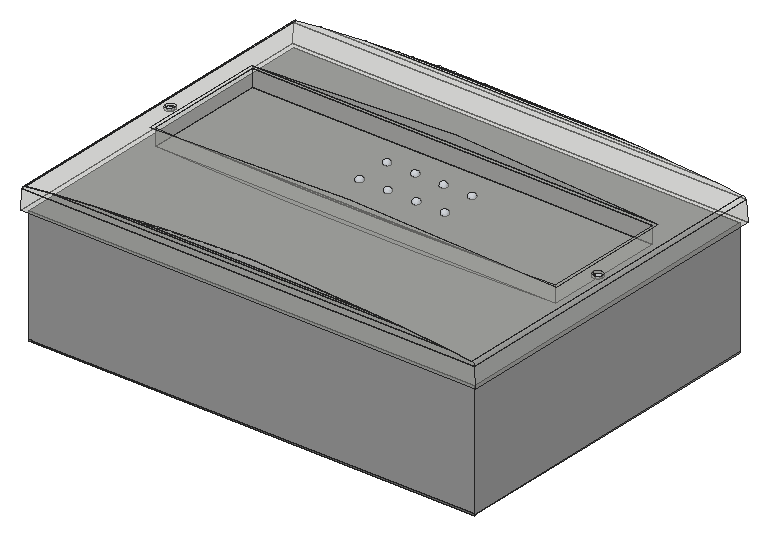
Revit family "Maxlogic  Conventionelle Panneau d'expansion de sirène", category Fire Alarm Devices, host Face, Revit 2021
Family settings
  Host = Face
  Maintain Annotation Orientation = Yes
  Round Connector Dimension = Use Diameter
  Part Type = Normal
  OmniClass Number = 23.85.30.21
  OmniClass Title = Environmental Detection/Registration
  Cut with Voids When Loaded = No
  Shared = No
  Room Calculation Point = No
Parameters (values of type "Maxlogic Panneau d'expansion de sirène,4 sorties")
  Poids = ""
  Boîtier de montage en surface étanche = ""
  Unité de durée de garantie = "Ans"
  Durée de la garantie réservé = "2"
  Durée de la garantie Travail = "2"
  Version = ""
  URL = "https://www.mavili.com.tr/"
  Socle montage de Surlévé = ""
  Numéro de pose des travaux publics = ""
  protection de Classe = ""
  Code de Produit = "ML-0314"
  Numèro de Téléphone = "(+)90 216 466 45 05"
  Voltage de fonctionnement (default) = ""
  voltage fonction d'opération = ""
  Tempèrature de Fonctionnement = "(-5°C) - (+50°C)"
  Largeur Nominale = "130 mm"
  Longeur Nominale = "400 mm"
  Hauteur Nominale = "300 mm"
  Surface de Montage = "Montage à Mur"
  Hauteur de Montage = ""
  Model = "Maxlogic"
  Manufacturer = "Mavili Elektronik Ticaret A.Ş."
  Manuel d'installation = "https://mavilielektronik.com/Revit/ML0314_kk.pdf"
  Sortie d'indicateur = ""
  Numèro de Fax = "(+)90 216 466 45 10"
  Alimentation d'externe = "220 V AC"
  E-Poste = "mavili@mavili.com.tr"
  Avertissement = ""
  Charger adresse d'appareil = ""
  Description = "Panneau d'expansion de sirène, 4 sorties"
  Default Elevation = 0 mm
  Current de Consommation = ""
  Coût Unité = ""
  Cost = 0
  Socles Compatible = ""
  Couleur = "Blanc"
  Code de  Performance = "EN 54-4 / EN 54-18"
  Matériel Principe = "Mètale Grise"
  Deuxime Matèriel = "Plastique Blanche ABS"
  Batterie = "2 X (12V DC 7 Ah )"
  Assembly Code = ""
  Adresse ligne 1 = "Şerifali Mahallesi Kutup Sokak No:27/1-2-4 Ümraniye TR-34775 İSTANBUL"
Reference planes
  plane 1 "Center (Front/Back)": y = 0
  plane 2: z = 0
  plane 3 "Center (Left/Right)": x = 0
Forms (mm)
  Extrusion 1, solid, material "mavili arka kasa"
    sketch origin (-210, -150, 148.173) x (1, 0, 0) y (0, 0, -1)
      loop
        line (42.905, 45.3) -> (434.905, 45.3) -> (434.905, 146.904)
        arc (434.905, 146.904) -> (434.545, 147.715) -> (433.785, 148.173) r 1.476
        line (433.785, 148.173) -> (44.505, 148.173)
        arc (44.505, 148.173) -> (43.374, 147.704) -> (42.905, 146.573) r 1.6
        line (42.905, 146.573) -> (42.905, 45.3)
    from 0 to 300
  Extrusion 2, solid, material "Mavili beyaz"
    sketch origin (-210, -150, 180.173) x (1, 0, 0) y (0, 0, -1)
      loop
        line (38.905, 77.3) -> (39.824, 59.769)
        arc (39.824, 59.769) -> (40.651, 57.854) -> (42.526, 56.941) r 3
        arc (42.526, 56.941) -> (238.905, 47.3) -> (435.284, 56.941) r 2005
        arc (435.284, 56.941) -> (437.16, 57.854) -> (437.987, 59.769) r 3
        line (437.987, 59.769) -> (438.905, 77.3) -> (38.905, 77.3)
    from 0 to 300
  Extrusion 3, void
    sketch origin (-167.095, -150, 70.872) x (0, 0, 1) y (0, -1, 0)
      loop
        arc (-69.27, -296) -> (-70.403, -295.532) -> (-70.872, -294.4) r 1.6
        line (-70.872, -294.4) -> (-70.872, -300) -> (32, -300) -> (32, -296) -> (-69.27, -296)
    from 0 to 392
  Extrusion 4, void
    sketch origin (-167.095, 150, 70.872) x (0, 0, 1) y (0, -1, 0)
      loop
        line (-69.27, 296) -> (32, 296) -> (32, 300) -> (-70.872, 300) -> (-70.872, 294.4)
        arc (-70.872, 294.4) -> (-70.403, 295.532) -> (-69.27, 296) r 1.6
    from 0 to 392
  Extrusion 5, void
    sketch origin (-210, -150, 180.173) x (0, 0, -1) y (0, 1, 0)
      loop
        line (55.289, 116.326) -> (55.289, 228.158) -> (47.3, 228.297) -> (47.3, 111.721) -> (55.289, 116.326)
    from 24.201 to 445
  Extrusion 6, void
    sketch origin (-210, -150, 180.173) x (0, 0, -1) y (0, 1, 0)
      loop
        arc (47.3, 295.581) -> (48.124, 297.646) -> (50.143, 298.577) r 3
        line (50.143, 298.577) -> (51.913, 298.669) -> (55.057, 298.834) -> (59.769, 299.081) -> (77.3, 300) -> (50, 300) -> (47.3, 300) -> (47.3, 295.581)
    from 24.201 to 445
  Extrusion 7, void
    sketch origin (-210, 150, 180.173) x (0, 0, -1) y (0, 1, 0)
      loop
        line (47.3, -295.581) -> (47.3, -300) -> (50, -300) -> (77.3, -300) -> (59.769, -299.081) -> (55.057, -298.834) -> (51.913, -298.669) -> (50.143, -298.577)
        arc (50.143, -298.577) -> (48.124, -297.646) -> (47.3, -295.581) r 3
    from 24.201 to 445
  Extrusion 8, void
    sketch origin (-167.095, 146, 35.472) x (0, 0, -1) y (1, 0, 0)
      loop
        line (-13.523, 66.9) -> (-13.523, 68.054)
        arc (-13.523, 68.054) -> (-15, 68.144) -> (-16.477, 68.054) r 12.144
        line (-16.477, 68.054) -> (-16.477, 66.9)
        arc (-16.477, 66.9) -> (-26, 56.025) -> (-16.527, 45.106) r 11
        line (-16.527, 45.106) -> (-16.527, 43.952)
        arc (-16.527, 43.952) -> (-15, 43.856) -> (-13.473, 43.952) r 12.144
        line (-13.473, 43.952) -> (-13.473, 45.106)
        arc (-13.473, 45.106) -> (-4, 56.025) -> (-13.523, 66.9) r 11
    from 0 to 1
  Extrusion 9, void
    sketch origin (-127.095, 146, 35.472) x (0, 0, -1) y (1, 0, 0)
      loop
        line (-13.523, 66.9) -> (-13.523, 68.054)
        arc (-13.523, 68.054) -> (-15, 68.144) -> (-16.477, 68.054) r 12.144
        line (-16.477, 68.054) -> (-16.477, 66.9)
        arc (-16.477, 66.9) -> (-26, 56.025) -> (-16.527, 45.106) r 11
        line (-16.527, 45.106) -> (-16.527, 43.952)
        arc (-16.527, 43.952) -> (-15, 43.856) -> (-13.473, 43.952) r 12.144
        line (-13.473, 43.952) -> (-13.473, 45.106)
        arc (-13.473, 45.106) -> (-4, 56.025) -> (-13.523, 66.9) r 11
    from 0 to 1
  Extrusion 10, void
    sketch origin (-87.095, 146, 35.472) x (0, 0, -1) y (1, 0, 0)
      loop
        line (-13.523, 66.9) -> (-13.523, 68.054)
        arc (-13.523, 68.054) -> (-15, 68.144) -> (-16.477, 68.054) r 12.144
        line (-16.477, 68.054) -> (-16.477, 66.9)
        arc (-16.477, 66.9) -> (-26, 56.025) -> (-16.527, 45.106) r 11
        line (-16.527, 45.106) -> (-16.527, 43.952)
        arc (-16.527, 43.952) -> (-15, 43.856) -> (-13.473, 43.952) r 12.144
        line (-13.473, 43.952) -> (-13.473, 45.106)
        arc (-13.473, 45.106) -> (-4, 56.025) -> (-13.523, 66.9) r 11
    from 0 to 1
  Extrusion 11, void
    sketch origin (-47.095, 146, 35.472) x (0, 0, -1) y (1, 0, 0)
      loop
        line (-13.523, 66.9) -> (-13.523, 68.054)
        arc (-13.523, 68.054) -> (-15, 68.144) -> (-16.477, 68.054) r 12.144
        line (-16.477, 68.054) -> (-16.477, 66.9)
        arc (-16.477, 66.9) -> (-26, 56.025) -> (-16.527, 45.106) r 11
        line (-16.527, 45.106) -> (-16.527, 43.952)
        arc (-16.527, 43.952) -> (-15, 43.856) -> (-13.473, 43.952) r 12.144
        line (-13.473, 43.952) -> (-13.473, 45.106)
        arc (-13.473, 45.106) -> (-4, 56.025) -> (-13.523, 66.9) r 11
    from 0 to 1
  Extrusion 12, void
    sketch origin (-7.095, 146, 35.472) x (0, 0, -1) y (1, 0, 0)
      loop
        line (-13.523, 66.9) -> (-13.523, 68.054)
        arc (-13.523, 68.054) -> (-15, 68.144) -> (-16.477, 68.054) r 12.144
        line (-16.477, 68.054) -> (-16.477, 66.9)
        arc (-16.477, 66.9) -> (-26, 56.025) -> (-16.527, 45.106) r 11
        line (-16.527, 45.106) -> (-16.527, 43.952)
        arc (-16.527, 43.952) -> (-15, 43.856) -> (-13.473, 43.952) r 12.144
        line (-13.473, 43.952) -> (-13.473, 45.106)
        arc (-13.473, 45.106) -> (-4, 56.025) -> (-13.523, 66.9) r 11
    from 0 to 1
  Extrusion 13, void
    sketch origin (32.905, 146, 35.472) x (0, 0, -1) y (1, 0, 0)
      loop
        line (-13.523, 66.9) -> (-13.523, 68.054)
        arc (-13.523, 68.054) -> (-15, 68.144) -> (-16.477, 68.054) r 12.144
        line (-16.477, 68.054) -> (-16.477, 66.9)
        arc (-16.477, 66.9) -> (-26, 56.025) -> (-16.527, 45.106) r 11
        line (-16.527, 45.106) -> (-16.527, 43.952)
        arc (-16.527, 43.952) -> (-15, 43.856) -> (-13.473, 43.952) r 12.144
        line (-13.473, 43.952) -> (-13.473, 45.106)
        arc (-13.473, 45.106) -> (-4, 56.025) -> (-13.523, 66.9) r 11
    from 0 to 1
  Extrusion 14, void
    sketch origin (72.905, 146, 35.472) x (0, 0, -1) y (1, 0, 0)
      loop
        line (-13.523, 66.9) -> (-13.523, 68.054)
        arc (-13.523, 68.054) -> (-15, 68.144) -> (-16.477, 68.054) r 12.144
        line (-16.477, 68.054) -> (-16.477, 66.9)
        arc (-16.477, 66.9) -> (-26, 56.025) -> (-16.527, 45.106) r 11
        line (-16.527, 45.106) -> (-16.527, 43.952)
        arc (-16.527, 43.952) -> (-15, 43.856) -> (-13.473, 43.952) r 12.144
        line (-13.473, 43.952) -> (-13.473, 45.106)
        arc (-13.473, 45.106) -> (-4, 56.025) -> (-13.523, 66.9) r 11
    from 0 to 1
  Extrusion 15, void
    sketch origin (112.905, 146, 35.472) x (0, 0, -1) y (1, 0, 0)
      loop
        line (-13.523, 66.9) -> (-13.523, 68.054)
        arc (-13.523, 68.054) -> (-15, 68.144) -> (-16.477, 68.054) r 12.144
        line (-16.477, 68.054) -> (-16.477, 66.9)
        arc (-16.477, 66.9) -> (-26, 56.025) -> (-16.527, 45.106) r 11
        line (-16.527, 45.106) -> (-16.527, 43.952)
        arc (-16.527, 43.952) -> (-15, 43.856) -> (-13.473, 43.952) r 12.144
        line (-13.473, 43.952) -> (-13.473, 45.106)
        arc (-13.473, 45.106) -> (-4, 56.025) -> (-13.523, 66.9) r 11
    from 0 to 1
  Extrusion 16, void
    sketch origin (-210, -33.417, 124.884) x (-1, 0, 0) y (0, 1, 0)
      loop
        line (-62.836, 2.214) -> (-62.836, 108.579)
        spline (-62.836, 108.579) -> (-92.123, 108.62) -> (-121.442, 108.654) -> (-150.785, 108.681) -> (-180.148, 108.699) -> (-209.524, 108.711) -> (-238.905, 108.714) -> (-268.287, 108.711) -> (-297.662, 108.699) -> (-327.025, 108.681) -> (-356.369, 108.654) -> (-385.687, 108.62) -> (-414.974, 108.579)
        line (-414.974, 108.579) -> (-414.974, 2.214)
        spline (-414.974, 2.214) -> (-385.687, 0.847) -> (-356.369, -0.273) -> (-327.025, -1.144) -> (-297.662, -1.766) -> (-268.287, -2.14) -> (-238.905, -2.264) -> (-209.524, -2.14) -> (-180.148, -1.766) -> (-150.785, -1.144) -> (-121.442, -0.273) -> (-92.123, 0.847) -> (-62.836, 2.214)
    from 0 to 15
  Extrusion 17, void
    sketch origin (-210, -33.417, 124.884) x (-1, 0, 0) y (0, 1, 0)
      loop
        circle (-50.905, 33.417) r 4.25
    from 0 to 3
  Extrusion 18, solid
    sketch origin (-210, -33.442, 121.884) x (0, 1, 0) y (-1, 0, 0)
      loop
        line (35.753, -50.862) -> (34.597, -48.861) -> (32.286, -48.861) -> (31.13, -50.862) -> (32.286, -52.864) -> (34.597, -52.864) -> (35.753, -50.862)
    from 0 to 1
  Extrusion 19, void
    sketch origin (267.811, -33.417, 124.884) x (-1, 0, 0) y (0, 1, 0)
      loop
        circle (50.905, 33.417) r 4.25
    from 0 to 3
  Extrusion 20, solid
    sketch origin (267.811, -33.442, 121.884) x (0, 1, 0) y (-1, 0, 0)
      loop
        line (35.753, 50.862) -> (34.597, 52.864) -> (32.286, 52.864) -> (31.13, 50.862) -> (32.286, 48.861) -> (34.597, 48.861) -> (35.753, 50.862)
    from 0 to 1
  Revolve 21, solid
    sketch origin (-210, -33.417, 109.884) x (-1, 0, 0) y (0, -1, 0)
      loop
        line (-201.077, -86.417) -> (-201.077, -80.417)
        arc (-201.077, -80.417) -> (-204.077, -83.417) -> (-201.077, -86.417) r 3
      axis (-201.077, -86.417) -> (-201.077, -80.417)
    angle from 0 to -180
  Revolve 22, solid
    sketch origin (-185, -33.417, 109.884) x (-1, 0, 0) y (0, -1, 0)
      loop
        line (-201.077, -86.417) -> (-201.077, -80.417)
        arc (-201.077, -80.417) -> (-204.077, -83.417) -> (-201.077, -86.417) r 3
      axis (-201.077, -86.417) -> (-201.077, -80.417)
    angle from 0 to -180
  Revolve 23, solid
    sketch origin (-160, -33.417, 109.884) x (-1, 0, 0) y (0, -1, 0)
      loop
        line (-201.077, -86.417) -> (-201.077, -80.417)
        arc (-201.077, -80.417) -> (-204.077, -83.417) -> (-201.077, -86.417) r 3
      axis (-201.077, -86.417) -> (-201.077, -80.417)
    angle from 0 to -180
  Revolve 24, solid
    sketch origin (-135, -33.417, 109.884) x (-1, 0, 0) y (0, -1, 0)
      loop
        line (-201.077, -86.417) -> (-201.077, -80.417)
        arc (-201.077, -80.417) -> (-204.077, -83.417) -> (-201.077, -86.417) r 3
      axis (-201.077, -86.417) -> (-201.077, -80.417)
    angle from 0 to -180
  Revolve 25, solid
    sketch origin (-210, -63.417, 109.884) x (-1, 0, 0) y (0, -1, 0)
      loop
        line (-201.077, -86.417) -> (-201.077, -80.417)
        arc (-201.077, -80.417) -> (-204.077, -83.417) -> (-201.077, -86.417) r 3
      axis (-201.077, -86.417) -> (-201.077, -80.417)
    angle from 0 to -180
  Revolve 26, solid
    sketch origin (-185, -63.417, 109.884) x (-1, 0, 0) y (0, -1, 0)
      loop
        line (-201.077, -86.417) -> (-201.077, -80.417)
        arc (-201.077, -80.417) -> (-204.077, -83.417) -> (-201.077, -86.417) r 3
      axis (-201.077, -86.417) -> (-201.077, -80.417)
    angle from 0 to -180
  Revolve 27, solid
    sketch origin (-160, -63.417, 109.884) x (-1, 0, 0) y (0, -1, 0)
      loop
        line (-201.077, -86.417) -> (-201.077, -80.417)
        arc (-201.077, -80.417) -> (-204.077, -83.417) -> (-201.077, -86.417) r 3
      axis (-201.077, -86.417) -> (-201.077, -80.417)
    angle from 0 to -180
  Revolve 28, solid
    sketch origin (-135, -63.417, 109.884) x (-1, 0, 0) y (0, -1, 0)
      loop
        line (-201.077, -86.417) -> (-201.077, -80.417)
        arc (-201.077, -80.417) -> (-204.077, -83.417) -> (-201.077, -86.417) r 3
      axis (-201.077, -86.417) -> (-201.077, -80.417)
    angle from 0 to -180
Cuts and joins
  Extrusion 3, Extrusion 4, Extrusion 8, Extrusion 9, Extrusion 10, Extrusion 11, Extrusion 12, Extrusion 13, Extrusion 14, Extrusion 15 cuts Extrusion 1
  Extrusion 3, Extrusion 4, Extrusion 5, Extrusion 6, Extrusion 7, Extrusion 16, Extrusion 17, Extrusion 19 cuts Extrusion 2
  Extrusion 19 cuts Extrusion 18
Dimensions and locks
  aligned and locked: plane 2 to host face
  aligned and locked: level to host face
Connectors
  electrical at (29.145, 0, 0)
    settings: on cut or joined group of Extrusion 1, Extrusion 3, Extrusion 4, Extrusion 8, Extrusion 9, Extrusion 10, Extrusion 11, Extrusion 12, Extrusion 13, Extrusion 14, Extrusion 15, index 1, voltage 0 V, apparent load 0 VA, apparent load phase1 0 VA, apparent load phase2 0 VA, apparent load phase3 0 VA, power factor 1, load classification "Other", number of poles 1, system type 31, power factor state 1, is connector primary yes, connector utility no, sub classification motor no, connector description ""
